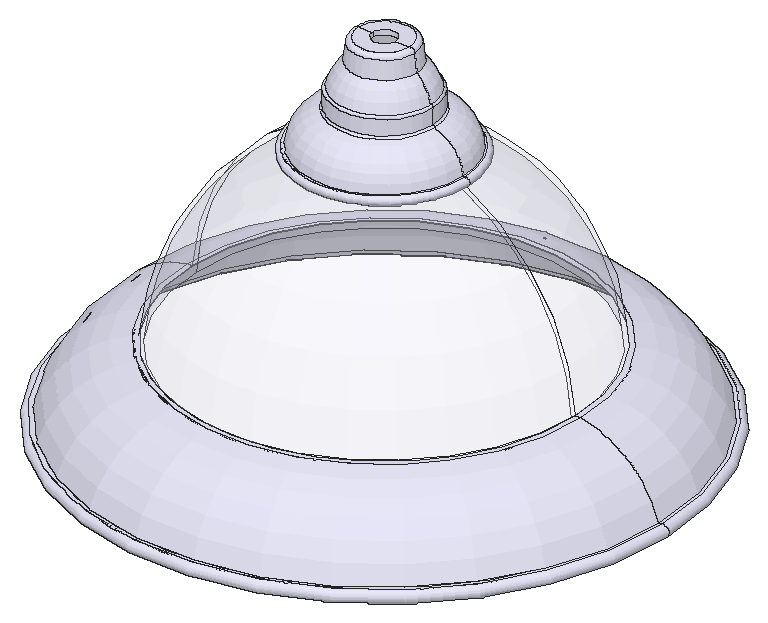
Revit family "SP402 SHADE", category Lighting Fixtures, Revit 2024
Family settings
  Round Connector Dimension = Use Diameter
  Part Type = Normal
  OmniClass Number = 23.80.70.00
  OmniClass Title = Lighting
  Work Plane-Based = No
  Always vertical = Yes
  Cut with Voids When Loaded = No
  Light Source = No
  Maintain Annotation Orientation = No
  Shared = No
  Room Calculation Point = No
Parameters
  Default Elevation = 0' - 0"
Reference planes (in)
  plane 1 "Light Source Axis (F/B)": y = 0
  plane 2: z = 0
  plane 3 "Light Source Axis (L/R)": x = 0
  plane 4 "Light Source Elevation": z = 54
Forms (in)
  Revolve 1, solid, not visible
    sketch origin (0, 0, 0) x (1, 0, 0) y (0, 0, 1)
      loop
        line (-1.45425, 58.87626) -> (-1.45425, 59.20093)
        arc (-1.45425, 59.20093) -> (-1.51919, 59.26587) -> (-1.58412, 59.20093) r 0.06494
        line (-1.58412, 59.20093) -> (-1.64906, 59.20093)
        arc (-1.64906, 59.20093) -> (-1.71399, 59.136) -> (-1.77893, 59.20093) r 0.06494
        line (-1.77893, 59.20093) -> (-2.28318, 59.20093)
        arc (-2.28318, 59.20093) -> (-2.41111, 59.0605) -> (-2.45743, 58.87626) r 0.38961
        line (-2.45743, 58.87626) -> (-1.45425, 58.87626)
      axis (-1.45425, 58.87626) -> (-2.45743, 58.87626)
    angle from 0 to 360
  Revolve 2, solid, not visible
    sketch origin (0, 0, -4.77789) x (1, 0, 0) y (0, 0, 1)
      loop
        line (-1.45425, 58.87626) -> (-1.45425, 59.20093)
        arc (-1.45425, 59.20093) -> (-1.51919, 59.26587) -> (-1.58412, 59.20093) r 0.06494
        line (-1.58412, 59.20093) -> (-1.64906, 59.20093)
        arc (-1.64906, 59.20093) -> (-1.71399, 59.136) -> (-1.77893, 59.20093) r 0.06494
        line (-1.77893, 59.20093) -> (-2.28318, 59.20093)
        arc (-2.28318, 59.20093) -> (-2.41111, 59.0605) -> (-2.45743, 58.87626) r 0.38961
        line (-2.45743, 58.87626) -> (-1.45425, 58.87626)
      axis (-1.45425, 58.87626) -> (-2.45743, 58.87626)
    angle from 0 to 360
  Sweep 3, solid, not visible
    path origin (0, 0, 0) x (1, 0, 0) y (0, 0, 1)
      loop
        line (-2.03967, 52.74803) -> (-2.03967, 61.85943)
        arc (-2.03967, 61.85943) -> (-4.99444, 64.8142) -> (-7.94921, 61.85943) r 2.95477
        line (-7.94921, 61.85943) -> (-7.94921, 60.07761)
    profile origin (-2.03967, 0, 57.30373) x (-1, 0, 0) y (0, -1, 0)
      loop
        circle (0, 0) r 0.1875
  Revolve 4, solid, not visible
    sketch origin (0, 0, 0) x (1, 0, 0) y (0, 0, 1)
      loop
        spline (-11.5338, 54.25604) -> (-11.53327, 54.62054) -> (-11.51765, 54.94785) -> (-11.49462, 55.20215) -> (-11.4387, 55.52355) -> (-11.34166, 55.86623) -> (-11.21238, 56.18469) -> (-11.05634, 56.4592) -> (-10.86408, 56.70149) -> (-10.63792, 56.91334) -> (-10.38044, 57.08433) -> (-10.00557, 57.22866) -> (-9.53349, 57.29425)
        arc (-9.53349, 57.29425) -> (-9.43019, 57.66173) -> (-9.0618, 57.76174) r 0.38694
        line (-9.0618, 57.76174) -> (-9.0618, 58.75549) -> (-8.98942, 58.82787) -> (-8.98942, 59.74949)
        arc (-8.98942, 59.74949) -> (-8.94621, 59.8538) -> (-8.8419, 59.897) r 0.14752
        line (-8.8419, 59.897) -> (-7.94921, 59.897) -> (-7.94921, 60.07761) -> (-8.2146, 60.07761) -> (-8.2146, 59.99075) -> (-8.8419, 59.99075)
        arc (-8.8419, 59.99075) -> (-9.0125, 59.92009) -> (-9.08317, 59.74949) r 0.24127
        line (-9.08317, 59.74949) -> (-9.08317, 58.83266)
        arc (-9.08317, 58.83266) -> (-9.13283, 58.80671) -> (-9.15555, 58.75549) r 0.085
        line (-9.15555, 58.75549) -> (-9.15555, 57.86758)
        arc (-9.15555, 57.86758) -> (-9.49691, 57.7276) -> (-9.63849, 57.3869) r 0.48069
        spline (-9.63849, 57.3869) -> (-10.117, 57.29295) -> (-10.47221, 57.14022) -> (-10.72912, 56.95719) -> (-10.95531, 56.73627) -> (-11.14643, 56.48532) -> (-11.30177, 56.20185) -> (-11.42964, 55.87717) -> (-11.5243, 55.53356) -> (-11.57801, 55.2147) -> (-11.60029, 54.96192) -> (-11.61586, 54.63792) -> (-11.61658, 54.2789)
        arc (-11.61658, 54.2789) -> (-11.64765, 54.00503) -> (-11.5338, 54.25604) r 0.13952
      axis (-7.94921, 60.07761) -> (-7.94921, 54.25604)
    angle from 0 to 360
  Revolve 5, solid, not visible
    sketch origin (0, 0, 0) x (1, 0, 0) y (0, 0, 1)
      loop
        line (-2.03103, 52.74803) -> (-2.29162, 52.74803) -> (-2.29162, 52.68626) -> (-2.25302, 52.68626)
        arc (-2.25302, 52.68626) -> (-2.20187, 52.63512) -> (-2.25302, 52.58397) r 0.05115
        arc (-2.25302, 52.58397) -> (-2.29162, 52.54536) -> (-2.25302, 52.50676) r 0.0386
        line (-2.25302, 52.50676) -> (-2.03103, 52.50676) -> (-2.03103, 52.74803)
      axis (-2.03103, 52.74803) -> (-2.03103, 52.50676)
    angle from 0 to 360
  Revolve 6, solid
    sketch origin (0, 0, 0) x (1, 0, 0) y (0, 0, 1)
      loop
        arc (-0.54716, 61.5) -> (-0.61385, 61.47451) -> (-0.64655, 61.41105) r 0.1
        line (-0.64655, 61.41105) -> (-0.68946, 61.05)
        arc (-0.68946, 61.05) -> (-0.87561, 60.82169) -> (-0.98946, 60.55) r 1.02937
        arc (-0.98946, 60.55) -> (-1.02482, 60.53535) -> (-1.03946, 60.5) r 0.05
        line (-1.03946, 60.5) -> (-1.04491, 60.18815)
        arc (-1.04491, 60.18815) -> (-1.05564, 60.15807) -> (-1.08239, 60.14062) r 0.05
        arc (-1.08239, 60.14062) -> (-1.49753, 59.87776) -> (-1.68113, 59.422) r 0.80109
        line (-1.68113, 59.422) -> (-1.73616, 59.422)
        arc (-1.73616, 59.422) -> (-1.82216, 59.336) -> (-1.73616, 59.25) r 0.086
        arc (-1.73616, 59.25) -> (-3.39085, 57.76841) -> (-4.10694, 55.66595) r 4.38359
        line (-4.10694, 55.66595) -> (-4.21591, 55.66595)
        arc (-4.21591, 55.66595) -> (-5.25216, 55.19602) -> (-5.88437, 54.25) r 2.07335
        line (-5.88437, 54.25) -> (-5.96591, 54.25)
        arc (-5.96591, 54.25) -> (-6.07971, 54.07328) -> (-5.87174, 54.0428) r 0.125
        line (-5.87174, 54.0428) -> (-5.81798, 54.14502)
        arc (-5.81798, 54.14502) -> (-5.22416, 55.0962) -> (-4.20889, 55.5722) r 1.9796
        line (-4.20889, 55.5722) -> (-4.01883, 55.5722)
        arc (-4.01883, 55.5722) -> (-3.30036, 57.73517) -> (-1.5754, 59.22486) r 4.28984
        arc (-1.5754, 59.22486) -> (-1.48162, 59.7403) -> (-1.05895, 60.04984) r 0.70734
        arc (-1.05895, 60.04984) -> (-0.98202, 60.10001) -> (-0.95117, 60.18652) r 0.14375
        line (-0.95117, 60.18652) -> (-0.94573, 60.49836) -> (-0.8987, 60.52651)
        arc (-0.8987, 60.52651) -> (-0.78634, 60.78795) -> (-0.60058, 61.00352) r 0.93562
        line (-0.60058, 61.00352) -> (-0.55271, 61.40625) -> (-0.24716, 61.40625) -> (-0.24716, 61.5) -> (-0.54716, 61.5)
      axis (0, 61.5) -> (0, 54.0428)
    angle from 0 to 360
Dimensions and locks (in)
  aligned and locked: level to plane 2
